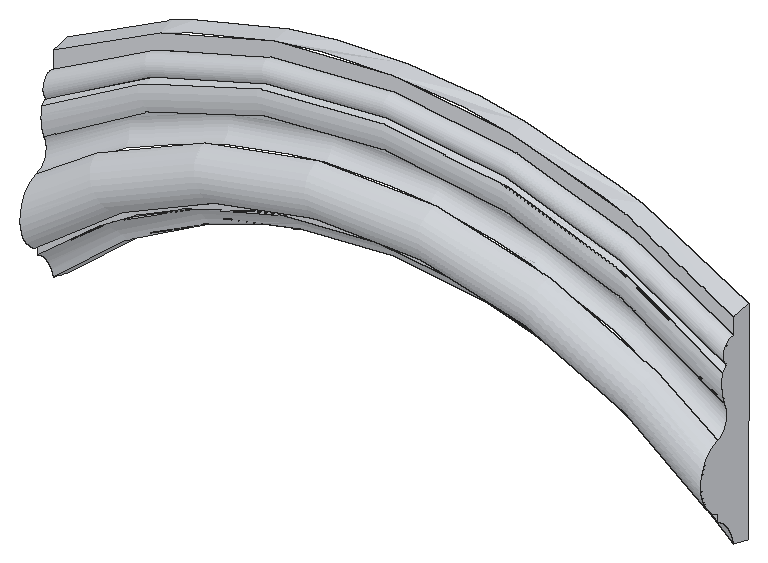
Revit family "OracDecor_P8030C", category Обобщенные модели, Revit 2019
Family settings
  Может служить основой для арматурных стержней = Нет
  Размер круглого соединителя = Использовать диаметр
  Тип детали = Нормальный
  На основе рабочей плоскости = Нет
  Всегда вертикально = Да
  При загрузке вырезать с полостями = Нет
  Общий = Нет
  Точка расчета площади = Нет
Parameters
  Изготовитель = "Family from POCHERTEAM"  # constant formula
  URL = "t.me/pocherteam"
Reference planes
  plane 1 "По центру (Вперед/Назад)": y = 0
  plane 2: z = 0
  plane 3 "По центру (Влево/Вправо)": x = 0
Forms (mm)
  Sweep 1, solid
    path origin (0, 0, 0) x (1, 0, 0) y (0, 0, 1)
      loop
        arc (0, -0.083) -> (95, 38.911) -> (190, -0.083) r 135.221
    profile origin (95, 0, 38.911) x (0, 0, 1) y (0, -1, 0)
      loop
        line (0, 0) -> (46.759, 0) -> (45.895, 4.9) -> (41.895, 4.9)
        arc (41.895, 4.9) -> (40.238, 8.166) -> (36.623, 7.586) r 3.107
        arc (36.623, 7.586) -> (36.101, 8.216) -> (35.593, 8.858) r 36.263
        arc (35.593, 8.858) -> (32.172, 9.153) -> (28.875, 8.194) r 9.365
        arc (28.875, 8.194) -> (24.927, 7.658) -> (22.353, 10.698) r 4.142
        arc (22.353, 10.698) -> (15.148, 16.499) -> (8.108, 10.5) r 7.249
        line (8.108, 10.5) -> (6.646, 10.5)
        arc (6.646, 10.5) -> (4.411, 7.023) -> (0.864, 4.9) r 9.061
        line (0.864, 4.9) -> (0, 0)
  Extrusion 2, void
    sketch origin (0, 0, 0) x (1, 0, 0) y (0, 0, 1)
      loop
        line (0, -0.083) -> (0, 64.917) -> (-40, 64.917) -> (-40, -0.083) -> (0, -0.083)
      loop
        line (230, -0.083) -> (230, 64.917) -> (190, 64.917) -> (190, -0.083) -> (230, -0.083)
    from 0 to 250
Cuts and joins
  Extrusion 2 cuts Sweep 1
Dimensions and locks
  Sweep 1 to level = 85.669 mm
  cut or joined group of Sweep 1, Extrusion 2 to plane 3 "По центру (Влево/Вправо)" = 190 mm
  plane 1 "По центру (Вперед/Назад)" to cut or joined group of Sweep 1, Extrusion 2 = 16.631 mm
  aligned and locked: level to plane 2
